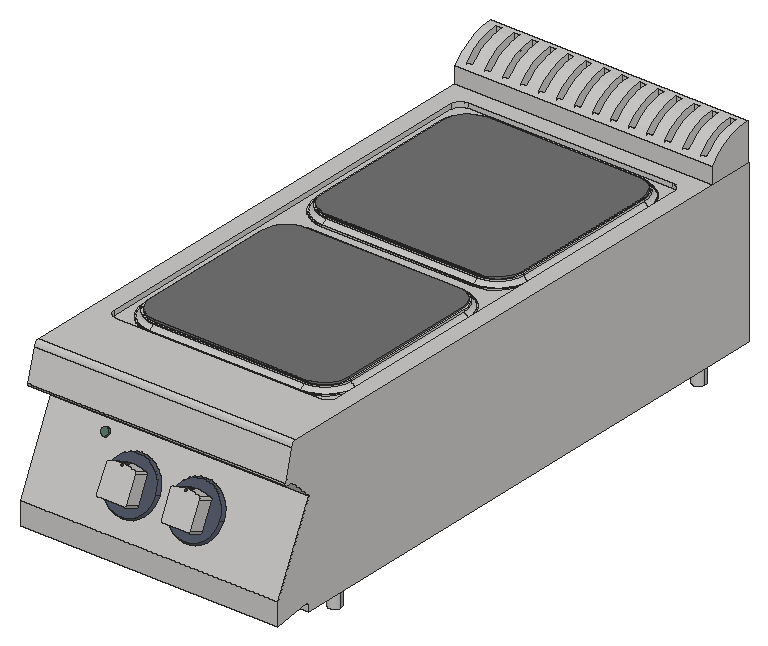
Revit family "QF_ZANUSSI_392039_Z9ECED2Q00", category Specialty Equipment, Revit 2018
Family settings
  Round Connector Dimension = Use Diameter
  Part Type = Normal
  Work Plane-Based = No
  Always vertical = Yes
  Cut with Voids When Loaded = No
  Shared = No
  Room Calculation Point = No
Parameters
  Width = 400 mm  # constant formula
  Weight in Pounds = 35  # constant formula
  Weight = 0.00 kg
  Watts = 8000 W  # constant formula
  Volts = 400 V  # constant formula
  URL Manufacturer = "http://www.zanussiprofessional.com"
  URL Cutsheet = "www.electrolux.com/foodservice"
  URL = "http://www.zanussiprofessional.com"
  Type Mark [instance] = ""
  Steam Supply Size = 0"
  Steam Supply Minimum Pressure = 0.00 psi
  Steam Supply Maximum Pressure = 0.00 psi
  Steam Pounds per Hour = 0
  Status [instance] = ""
  Specification by User [instance] = ""
  Specification by Manufacturer = ""
  Show Logo [instance] = yes
  Show Clearance [instance] = yes
  Serial Number = ""
  Seismic Rating = ""
  SMACNA No = ""
  Revision Code [instance] = ""
  Refrigeration Suction Line Size = 0"
  Refrigeration Liquid Line Size = 0"
  Refrigerant Compressor Remote = yes
  Phase = 3  # constant formula
  Omniclass Number and Title = ""
  Number of Poles [instance] = 1
  NAFEM Spec ID Number = ""
  Model = "Z9ECED2Q00"
  Min Ckt Ampacity = 0 A
  Max Overcurrent Protection = 0 A
  Masterspec = ""
  Manufacturer = "Zanussi"
  Length Actual = 400 mm  # constant formula
  Item Number [instance] = "392039"
  Installed By [instance] = ""
  Identify Quantity as Lot [instance] = yes
  Hot Water Size = 0"
  Height Actual = 250 mm  # constant formula
  Height = 332 mm  # constant formula
  HP = "10.7 HP"
  Gas Size = 0"
  Gas KW = 0
  Gas Input = 0.0 Btu/h
  Furnished By [instance] = ""
  Foodservice Equipment Identifier [instance] = yes
  FL Amps = if(Phase = 3, Watts / (Volts * 1.73), Watts / Volts)  # 11.5607 A
  Electrical Remarks [instance] = "400 V/3N ph/50/60 Hz"  # constant formula
  Electric Connection Type [instance] = ""
  Elec Conn RI Height [instance] = 0 mm
  Elec Conn Connection Height [instance] = 0 mm
  Direct Waste Size = 0"
  Description = "2-HOT SQUARE PL. ELEC.BOILING TOP 400 MM"
  Depth Actual = 900 mm  # constant formula
  Depth = 915 mm  # constant formula
  Cycle = if([60 Hertz Option], 60 Hz, 50 Hz)  # 60 Hz
  Conn Plug = ""
  Conn Conduit = yes
  Condensate Return Size = 0"
  Compressed Air Volume = 0 GPM
  Compressed Air Size = 0"
  Compressed Air Pressure = 0.00 psi
  Cold Water Size = 0"
  CSI MasterFormat = ""
  CSI Master Format = ""
  Base Height [instance] = 24 mm  # constant formula
  Apparent Power = if(Phase = 3, Volts * FL Amps * 1.73, Volts * FL Amps)  # 8000 VA
  Accessory = yes
  60 Hertz Option = not([50 Hertz Option])  # yes
  50 Hertz Option = no
Reference planes
  plane 1 "BACK": y = 0
  plane 2: z = 0
  plane 3 "LEFT": x = 0
  plane 4 "RIGHT": x = 400
  plane 5 "FRONT": y = -915
  plane 6 "TOP": z = 332
  plane 7 "Center Y": x = 200
  plane 8 "Center X": y = -457.5
  plane 9 "BASE": z = 24
  plane 10 "TOP A": z = 274
  plane 11: y = -790
  plane 12: y = -915
  plane 13: y = -82
  plane 14: y = -609
  plane 15: y = -583
  plane 16: y = -900
Forms (mm)
  Extrusion 1, solid, material "QF_Finishes_Stainless Steel"
    sketch origin (0, 0, 0) x (0, 1, 0) y (0, 0, 1)
      loop
        line (0, 24) -> (0, 274) -> (-879.358, 274)
        arc (-879.358, 274) -> (-884.643, 271.811) -> (-886.833, 266.526) r 7.474
        line (-886.833, 266.526) -> (-899.884, 221.011)
        arc (-899.884, 221.011) -> (-899.396, 218.379) -> (-897, 217.184) r 3
        line (-897, 217.184) -> (-886.802, 217.184) -> (-854.982, 185.364) -> (-915, 64.508) -> (-915, 29.508) -> (-858.645, 37.428)
        arc (-858.645, 37.428) -> (-856.101, 36.674) -> (-855, 34.259) r 3.2
        line (-855, 34.259) -> (-855, 24) -> (0, 24)
    from 0 to 400
  Extrusion 2, void
    sketch origin (0, -198.623, 273.238) x (-1, 0, 0) y (0, -1, 0)
      loop
        arc (-42.5, -101.089) -> (-31.893, -96.696) -> (-27.5, -86.089) r 15
        line (-27.5, -86.089) -> (-27.5, 568.262)
        arc (-27.5, 568.262) -> (-31.893, 578.868) -> (-42.5, 583.262) r 15
        line (-42.5, 583.262) -> (-359.751, 583.262)
        arc (-359.751, 583.262) -> (-370.358, 578.868) -> (-374.751, 568.262) r 15
        line (-374.751, 568.262) -> (-374.751, -86.089)
        arc (-374.751, -86.089) -> (-370.358, -96.696) -> (-359.751, -101.089) r 15
        line (-359.751, -101.089) -> (-42.5, -101.089)
    from 1.763 to -6.35
  Extrusion 3, solid, material "QF_Finishes_Stainless Steel"
    sketch origin (0, -198.623, 0) x (1, 0, 0) y (0, 1, 0)
      loop
        circle (11.112, 116.623) r 9.525
      loop
        circle (388.887, 116.623) r 9.525
      loop
        circle (11.112, -591.377) r 9.525
      loop
        circle (388.888, -591.377) r 9.525
    from 0 to 24
  Extrusion 4, solid, material "QF_Clearances", visible <- "Show Clearance", detail levels coarse
    sketch origin (0, -198.623, 0) x (1, 0, 0) y (0, 1, 0)
      loop
        line (0, -716.377) -> (0, 198.623) -> (400, 198.623) -> (400, -716.377) -> (500.019, -716.377) -> (500.019, 298.642) -> (-100.019, 298.642) -> (-100.019, -716.377) -> (0, -716.377)
    from 0 to 332
  Extrusion 5, solid, material "QF_Finishes_Stainless Steel"
    sketch origin (0, 0, 0) x (0, 1, 0) y (0, 0, 1)
      loop
        line (0, 274) -> (0, 331.929)
        arc (0, 331.929) -> (-38.885, 323.539) -> (-69.85, 298.567) r 86.116
        line (-69.85, 298.567) -> (-69.85, 274) -> (0, 274)
    from 0 to 400
  Extrusion 6, void
    sketch origin (0, 0, 273.237) x (-1, 0, 0) y (0, -1, 0)
      loop
        line (-13.453, 6.761) -> (-13.453, 63.911) -> (-22.749, 63.911) -> (-22.749, 6.761) -> (-13.453, 6.761)
    from 25.4 to 63.5
  Extrusion 7, void
    sketch origin (400.05, 0, 273.237) x (1, 0, 0) y (0, 1, 0)
      loop
        line (-13.503, -6.761) -> (-22.799, -6.761) -> (-22.799, -63.911) -> (-13.503, -63.911) -> (-13.503, -6.761)
    from 25.4 to 63.5
  Extrusion 8, void
    sketch origin (27.988, 0, 273.237) x (-1, 0, 0) y (0, -1, 0)
      loop
        line (-13.453, 6.761) -> (-13.453, 63.911) -> (-22.749, 63.911) -> (-22.749, 6.761) -> (-13.453, 6.761)
    from 25.4 to 63.5
  Extrusion 9, void
    sketch origin (55.977, 0, 273.237) x (-1, 0, 0) y (0, -1, 0)
      loop
        line (-13.453, 6.761) -> (-13.453, 63.911) -> (-22.749, 63.911) -> (-22.749, 6.761) -> (-13.453, 6.761)
    from 25.4 to 63.5
  Extrusion 10, void
    sketch origin (83.965, 0, 273.237) x (-1, 0, 0) y (0, -1, 0)
      loop
        line (-13.428, 6.761) -> (-13.428, 63.911) -> (-22.724, 63.911) -> (-22.724, 6.761) -> (-13.428, 6.761)
    from 25.4 to 63.5
  Extrusion 11, void
    sketch origin (111.953, 0, 273.237) x (-1, 0, 0) y (0, -1, 0)
      loop
        line (-13.428, 6.761) -> (-13.428, 63.911) -> (-22.724, 63.911) -> (-22.724, 6.761) -> (-13.428, 6.761)
    from 25.4 to 63.5
  Extrusion 12, void
    sketch origin (139.942, 0, 273.237) x (-1, 0, 0) y (0, -1, 0)
      loop
        line (-13.428, 6.761) -> (-13.428, 63.911) -> (-22.724, 63.911) -> (-22.724, 6.761) -> (-13.428, 6.761)
    from 25.4 to 67.644
  Extrusion 13, void
    sketch origin (167.93, 0, 273.237) x (-1, 0, 0) y (0, -1, 0)
      loop
        line (-13.428, 6.761) -> (-13.428, 63.911) -> (-22.724, 63.911) -> (-22.724, 6.761) -> (-13.428, 6.761)
    from 25.4 to 63.5
  Extrusion 14, void
    sketch origin (195.918, 0, 273.237) x (-1, 0, 0) y (0, -1, 0)
      loop
        line (-13.428, 6.761) -> (-13.428, 63.911) -> (-22.724, 63.911) -> (-22.724, 6.761) -> (-13.428, 6.761)
    from 25.4 to 63.5
  Extrusion 15, void
    sketch origin (223.907, 0, 273.237) x (-1, 0, 0) y (0, -1, 0)
      loop
        line (-13.428, 6.761) -> (-13.428, 63.911) -> (-22.724, 63.911) -> (-22.724, 6.761) -> (-13.428, 6.761)
    from 25.4 to 63.5
  Extrusion 16, void
    sketch origin (251.895, 0, 273.237) x (-1, 0, 0) y (0, -1, 0)
      loop
        line (-13.428, 6.761) -> (-13.428, 63.911) -> (-22.724, 63.911) -> (-22.724, 6.761) -> (-13.428, 6.761)
    from 25.4 to 63.5
  Extrusion 17, void
    sketch origin (279.884, 0, 273.237) x (-1, 0, 0) y (0, -1, 0)
      loop
        line (-13.403, 6.761) -> (-13.403, 63.911) -> (-22.699, 63.911) -> (-22.699, 6.761) -> (-13.403, 6.761)
    from 25.4 to 63.5
  Extrusion 18, void
    sketch origin (307.872, 0, 273.237) x (-1, 0, 0) y (0, -1, 0)
      loop
        line (-13.403, 6.761) -> (-13.403, 63.911) -> (-22.699, 63.911) -> (-22.699, 6.761) -> (-13.403, 6.761)
    from 25.4 to 63.5
  Extrusion 19, void
    sketch origin (335.86, 0, 273.237) x (-1, 0, 0) y (0, -1, 0)
      loop
        line (-13.403, 6.761) -> (-13.403, 63.911) -> (-22.699, 63.911) -> (-22.699, 6.761) -> (-13.403, 6.761)
    from 25.4 to 63.5
  Extrusion 20, solid, material "QF_Finishes_Stainless Steel"
    sketch origin (0, -198.623, 266.888) x (-1, 0, 0) y (0, -1, 0)
      loop
        arc (-86.725, 266.377) -> (-58.441, 278.092) -> (-46.725, 306.377) r 40
        line (-46.725, 306.377) -> (-46.725, 526.377)
        arc (-46.725, 526.377) -> (-58.441, 554.661) -> (-86.725, 566.377) r 40
        line (-86.725, 566.377) -> (-321.725, 566.377)
        arc (-321.725, 566.377) -> (-350.009, 554.661) -> (-361.725, 526.377) r 40
        line (-361.725, 526.377) -> (-361.725, 306.377)
        arc (-361.725, 306.377) -> (-350.009, 278.092) -> (-321.725, 266.377) r 40
        line (-321.725, 266.377) -> (-86.725, 266.377)
      loop
        line (-86.725, 230.796) -> (-321.725, 230.796)
        arc (-321.725, 230.796) -> (-350.009, 219.08) -> (-361.725, 190.796) r 40
        line (-361.725, 190.796) -> (-361.725, -44.204)
        arc (-361.725, -44.204) -> (-350.009, -72.488) -> (-321.725, -84.204) r 40
        line (-321.725, -84.204) -> (-86.725, -84.204)
        arc (-86.725, -84.204) -> (-58.441, -72.488) -> (-46.725, -44.204) r 40
        line (-46.725, -44.204) -> (-46.725, 190.796)
        arc (-46.725, 190.796) -> (-58.441, 219.08) -> (-86.725, 230.796) r 40
    from 0 to 10
  Sweep 21, solid, material "QF_Finishes_Stainless Steel"
    path origin (0, -198.623, 276.888) x (-1, 0, 0) y (0, -1, 0)
      loop
        line (-46.725, 306.377) -> (-46.725, 526.377)
        arc (-46.725, 526.377) -> (-58.441, 554.661) -> (-86.725, 566.377) r 40
        line (-86.725, 566.377) -> (-321.725, 566.377)
        arc (-321.725, 566.377) -> (-350.009, 554.661) -> (-361.725, 526.377) r 40
        line (-361.725, 526.377) -> (-361.725, 306.377)
        arc (-361.725, 306.377) -> (-350.009, 278.092) -> (-321.725, 266.377) r 40
        line (-321.725, 266.377) -> (-86.725, 266.377)
        arc (-86.725, 266.377) -> (-58.441, 278.092) -> (-46.725, 306.377) r 40
    profile origin (46.725, -615, 276.888) x (1, 0, 0) y (0, 0, 1)
      loop
        arc (0, -1.759) -> (-2.638, -5.472) -> (-6.35, -8.109) r 13.651
        line (-6.35, -8.109) -> (-8.064, -8.109) -> (-8.064, -10) -> (0, -10) -> (0, -1.759)
  Sweep 22, solid, material "QF_Finishes_Stainless Steel"
    path origin (0, 151.957, 276.888) x (-1, 0, 0) y (0, -1, 0)
      loop
        line (-46.725, 306.377) -> (-46.725, 541.377)
        arc (-46.725, 541.377) -> (-58.441, 569.661) -> (-86.725, 581.377) r 40
        line (-86.725, 581.377) -> (-321.725, 581.377)
        arc (-321.725, 581.377) -> (-350.009, 569.661) -> (-361.725, 541.377) r 40
        line (-361.725, 541.377) -> (-361.725, 306.377)
        arc (-361.725, 306.377) -> (-350.009, 278.092) -> (-321.725, 266.377) r 40
        line (-321.725, 266.377) -> (-86.725, 266.377)
        arc (-86.725, 266.377) -> (-58.441, 278.092) -> (-46.725, 306.377) r 40
    profile origin (46.725, -271.919, 276.888) x (1, 0, 0) y (0, 0, 1)
      loop
        arc (0, -1.759) -> (-2.638, -5.472) -> (-6.35, -8.109) r 13.651
        line (-6.35, -8.109) -> (-8.064, -8.109) -> (-8.064, -10) -> (0, -10) -> (0, -1.759)
  Extrusion 23, solid, material "QF_Finishes_Rubber Black"
    sketch origin (0, -198.623, 276.888) x (-1, 0, 0) y (0, -1, 0)
      loop
        arc (-49.725, 190.796) -> (-60.562, 216.959) -> (-86.725, 227.796) r 37
        line (-86.725, 227.796) -> (-321.725, 227.796)
        arc (-321.725, 227.796) -> (-347.888, 216.959) -> (-358.725, 190.796) r 37
        line (-358.725, 190.796) -> (-358.725, -44.204)
        arc (-358.725, -44.204) -> (-347.888, -70.367) -> (-321.725, -81.204) r 37
        line (-321.725, -81.204) -> (-86.725, -81.204)
        arc (-86.725, -81.204) -> (-60.562, -70.367) -> (-49.725, -44.204) r 37
        line (-49.725, -44.204) -> (-49.725, 190.796)
      loop
        arc (-86.725, 269.377) -> (-60.562, 280.214) -> (-49.725, 306.377) r 37
        line (-49.725, 306.377) -> (-49.725, 526.377)
        arc (-49.725, 526.377) -> (-60.562, 552.54) -> (-86.725, 563.377) r 37
        line (-86.725, 563.377) -> (-321.725, 563.377)
        arc (-321.725, 563.377) -> (-347.888, 552.54) -> (-358.725, 526.377) r 37
        line (-358.725, 526.377) -> (-358.725, 306.377)
        arc (-358.725, 306.377) -> (-347.888, 280.214) -> (-321.725, 269.377) r 37
        line (-321.725, 269.377) -> (-86.725, 269.377)
    from 0 to 2
  Extrusion 24, solid, material "QF_Finishes_Stainless Steel"
    sketch origin (0, -300.223, 24) x (-1, 0, 0) y (0, 1, 0)
      loop
        circle (-249, -308.777) r 12.7
    from 0 to 12.7
  Extrusion 25, solid, material "QF_Finishes_Stainless Steel"
    sketch origin (0, -300.223, 24) x (-1, 0, 0) y (0, 1, 0)
      loop
        circle (-339, -282.777) r 12.7
    from 0 to 12.7
  Extrusion 26, solid, material "QF_Finishes_Stainless Steel"
    sketch origin (250, -884.991, 124.936) x (1, 0, 0) y (0, 0.444781, 0.895639)
      loop
        arc (-21.147, 22.789) -> (-22.494, 21.685) -> (-23, 20.019) r 2.997
        line (-23, 20.019) -> (-23, -20.019)
        arc (-23, -20.019) -> (-22.122, -22.138) -> (-20.003, -23.016) r 2.997
        line (-20.003, -23.016) -> (20.003, -23.016)
        arc (20.003, -23.016) -> (22.122, -22.138) -> (23, -20.019) r 2.997
        line (23, -20.019) -> (23, 20.019)
        arc (23, 20.019) -> (22.494, 21.685) -> (21.147, 22.789) r 2.997
        arc (21.147, 22.789) -> (0, 26.984) -> (-21.147, 22.789) r 55.4
    from 10 to 34
  Extrusion 27, solid, material "QF_Plastic-Black-Matte"
    sketch origin (330, -884.991, 124.936) x (0, 0.444781, 0.895639) y (0, -0.895639, 0.444781)
      loop
        line (26.984, 34) -> (26.984, 19) -> (27.984, 19) -> (27.984, 34)
        arc (27.984, 34) -> (27.691, 34.707) -> (26.984, 35) r 1
        line (26.984, 35) -> (23.984, 35) -> (23.984, 34) -> (26.984, 34)
    from -81 to -79
  Extrusion 28, solid, material "QF_Finishes_DarkGreen"
    sketch origin (146.18, -862.752, 169.718) x (1, 0, 0) y (0, 0.444781, 0.895639)
      loop
        circle (-55.001, 0) r 6
    from 0 to 1.6
  Extrusion 29, solid, material "QF_Finishes_Stainless Steel"
    sketch origin (250, -884.991, 124.936) x (1, 0, 0) y (0, 0.444781, 0.895639)
      loop
        line (17.5, 17.5) -> (-17.5, 17.5) -> (-17.5, -17.5) -> (17.5, -17.5) -> (17.5, 17.5)
    from 5 to 10
  Extrusion 30, solid, material "QF_Finishes_Stainless Steel"
    sketch origin (150, -884.991, 124.936) x (1, 0, 0) y (0, 0.444781, 0.895639)
      loop
        arc (-21.147, 22.789) -> (-22.494, 21.685) -> (-23, 20.019) r 2.997
        line (-23, 20.019) -> (-23, -20.019)
        arc (-23, -20.019) -> (-22.122, -22.138) -> (-20.003, -23.016) r 2.997
        line (-20.003, -23.016) -> (20.003, -23.016)
        arc (20.003, -23.016) -> (22.122, -22.138) -> (23, -20.019) r 2.997
        line (23, -20.019) -> (23, 20.019)
        arc (23, 20.019) -> (22.494, 21.685) -> (21.147, 22.789) r 2.997
        arc (21.147, 22.789) -> (0, 26.984) -> (-21.147, 22.789) r 55.4
    from 10 to 34
  Extrusion 31, solid, material "QF_Finishes_Stainless Steel"
    sketch origin (150, -884.991, 124.936) x (1, 0, 0) y (0, 0.444781, 0.895639)
      loop
        line (17.5, 17.5) -> (-17.5, 17.5) -> (-17.5, -17.5) -> (17.5, -17.5) -> (17.5, 17.5)
    from 5 to 10
  Extrusion 32, solid, material "QF_Plastic-Black-Matte"
    sketch origin (115, -884.991, 124.936) x (0, 0.444781, 0.895639) y (0, 0.895639, -0.444781)
      loop
        line (26.984, -34) -> (23.984, -34) -> (23.984, -35) -> (26.984, -35)
        arc (26.984, -35) -> (27.691, -34.707) -> (27.984, -34) r 1
        line (27.984, -34) -> (27.984, -19) -> (26.984, -19) -> (26.984, -34)
    from -36 to -34
  Blend 33, solid, material "QF_Finishes_Navy Blue"
    base sketch origin (250, -884.991, 124.936) x (1, 0, 0) y (0, 0.444781, 0.895639)
      loop
        circle (0, 0) r 42.5
    top sketch origin (250, -884.991, 124.936) x (1, 0, 0) y (0, 0.444781, 0.895639)
      loop
        circle (0, 0) r 40.5
    from 0 to 5
  Blend 34, solid, material "QF_Finishes_Navy Blue"
    base sketch origin (150, -884.991, 124.936) x (1, 0, 0) y (0, 0.444781, 0.895639)
      loop
        circle (0, 0) r 42.5
    top sketch origin (150, -884.991, 124.936) x (1, 0, 0) y (0, 0.444781, 0.895639)
      loop
        circle (0, 0) r 40.5
    from 0 to 5
Cuts and joins
  Extrusion 2 cuts Extrusion 1
  Extrusion 6, Extrusion 7, Extrusion 8, Extrusion 9, Extrusion 10, Extrusion 11, Extrusion 12, Extrusion 13, Extrusion 14, Extrusion 15, Extrusion 16, Extrusion 17, Extrusion 18, Extrusion 19 cuts Extrusion 5
Lines and regions (mm)
  Split face 1
    outline origin (249.901, -889.469, 127.16) x (1, 0, 0) y (0, 0.444781, 0.895639)
      loop
        line (-8.901, 38.561) -> (-8.901, 28.561) -> (-2.901, 28.561) -> (-2.901, 38.561) -> (-8.901, 38.561)
  Split face 2
    outline origin (249.901, -889.469, 127.16) x (1, 0, 0) y (0, 0.444781, 0.895639)
      loop
        line (-8.401, 38.061) -> (-8.401, 29.061) -> (-3.401, 29.061) -> (-3.401, 38.061) -> (-8.401, 38.061)
  Split face 3
    outline origin (249.901, -889.469, 127.16) x (1, 0, 0) y (0, 0.444781, 0.895639)
      loop
        line (-8.401, 34.061) -> (-3.401, 34.061)
  Split face 4
    outline origin (249.901, -889.469, 127.16) x (1, 0, 0) y (0, 0.444781, 0.895639)
      loop
        line (-8.401, 33.561) -> (-3.401, 33.561)
  Split face 5
    outline origin (249.901, -889.469, 127.16) x (1, 0, 0) y (0, 0.444781, 0.895639)
      loop
        circle (-5.901, 31.311) r 2.029
  Split face 6
    outline origin (250, -889.469, 127.16) x (0, -0.444781, -0.895639) y (1, 0, 0)
      loop
        circle (-34, 0) r 1.5
  Split face 7
    outline origin (150, -889.469, 127.16) x (0, -0.444781, -0.895639) y (1, 0, 0)
      loop
        circle (-34, 0) r 1.5
  Split face 8
    outline origin (144, -889.469, 127.16) x (1, 0, 0) y (0, 0.444781, 0.895639)
      loop
        line (-3, 38.561) -> (-3, 28.561) -> (3, 28.561) -> (3, 38.561) -> (-3, 38.561)
  Split face 9
    outline origin (144, -889.469, 127.16) x (1, 0, 0) y (0, 0.444781, 0.895639)
      loop
        line (-2.5, 38.061) -> (-2.5, 29.061) -> (2.5, 29.061) -> (2.5, 38.061) -> (-2.5, 38.061)
  Split face 10
    outline origin (144, -889.469, 127.16) x (1, 0, 0) y (0, 0.444781, 0.895639)
      loop
        line (-2.5, 33.561) -> (2.5, 33.561)
  Split face 11
    outline origin (144, -889.469, 127.16) x (1, 0, 0) y (0, 0.444781, 0.895639)
      loop
        line (-2.5, 33.061) -> (2.5, 33.061)
  Split face 12
    outline origin (144, -889.469, 127.16) x (1, 0, 0) y (0, 0.444781, 0.895639)
      loop
        circle (0, 35.811) r 2.031
  Split face 13
    outline origin (250, -889.469, 127.16) x (0.5, 0.385192, 0.775646) y (-0.866025, 0.222391, 0.44782)
      loop
        circle (-34, 0) r 1.5
  Split face 14
    outline origin (250, -889.469, 127.16) x (0.766044, -0.2859, -0.575706) y (0.642788, 0.340722, 0.686099)
      loop
        circle (-34, 0) r 1.5
  Split face 15
    outline origin (250, -889.469, 127.16) x (0.984808, 0.077235, 0.155526) y (-0.173648, 0.438024, 0.882032)
      loop
        circle (-34, 0) r 1.5
  Split face 16
    outline origin (250, -889.469, 127.16) x (0.984808, 0.077235, 0.155526) y (0.173648, -0.438024, -0.882032)
      loop
        circle (31.95, 11.629) r 1.5
  Split face 17
    outline origin (250, -889.469, 127.16) x (-0.5, 0.385192, 0.775646) y (0.866025, 0.222391, 0.44782)
      loop
        circle (-34, 0) r 1.5
  Split face 18
    outline origin (250, -889.469, 127.16) x (-0.766044, -0.2859, -0.575706) y (-0.642788, 0.340722, 0.686099)
      loop
        circle (-34, 0) r 1.5
  Split face 19
    outline origin (150, -889.469, 127.16) x (0.5, 0.385192, 0.775646) y (-0.866025, 0.222391, 0.44782)
      loop
        circle (-34, 0) r 1.5
  Split face 20
    outline origin (150, -889.469, 127.16) x (0.766044, -0.2859, -0.575706) y (0.642788, 0.340722, 0.686099)
      loop
        circle (-34, 0) r 1.5
  Split face 21
    outline origin (150, -889.469, 127.16) x (0.984808, 0.077235, 0.155526) y (-0.173648, 0.438024, 0.882032)
      loop
        circle (-34, 0) r 1.5
  Split face 22
    outline origin (150, -889.469, 127.16) x (-0.5, 0.385192, 0.775646) y (0.866025, 0.222391, 0.44782)
      loop
        circle (-34, 0) r 1.5
  Split face 23
    outline origin (150, -889.469, 127.16) x (-0.766044, -0.2859, -0.575706) y (-0.642788, 0.340722, 0.686099)
      loop
        circle (-34, 0) r 1.5
  Split face 24
    outline origin (150, -889.469, 127.16) x (-0.984808, 0.077235, 0.155526) y (0.173648, 0.438024, 0.882032)
      loop
        circle (-34, 0) r 1.5
  symbolic lines, style "QF_Clearances", visible <- "Show Clearance", detail levels coarse
    curve 1: line (-100.019, 100.019, 274) -> (-100.019, -915, 274)
    curve 2: line (500.019, 100.019, 274) -> (-100.019, 100.019, 274)
    curve 3: line (500.019, -915, 274) -> (500.019, 100.019, 274)
  symbolic lines
    curve 4: line (0, -915, 274) -> (0, -198.623, 274)
    curve 5: line (400, -198.623, 274) -> (400, -915, 274)
    curve 6: line (0, -268.473, 274) -> (0, -319.273, 274)
    curve 7: line (27.5, -766.885, 266.888) -> (27.5, -112.534, 266.888)
    curve 8: line (42.5, -97.534, 266.888) -> (359.751, -97.534, 266.887)
    curve 9: line (374.751, -112.534, 266.887) -> (374.751, -766.885, 266.887)
    curve 10: line (359.751, -781.885, 266.887) -> (42.5, -781.885, 266.888)
    curve 11: line (0, 0, 274) -> (400, 0, 274)
    curve 12: line (22.724, -6.761, 274) -> (22.724, -63.911, 274)
    curve 13: line (22.724, -63.911, 274) -> (13.428, -63.911, 274)
    curve 14: line (13.428, -63.911, 274) -> (13.428, -6.761, 274)
    curve 15: line (13.428, -6.761, 274) -> (22.724, -6.761, 274)
    curve 16: line (386.547, -6.761, 274) -> (386.547, -63.911, 274)
    curve 17: line (386.547, -63.911, 274) -> (377.251, -63.911, 274)
    curve 18: line (377.251, -63.911, 274) -> (377.251, -6.761, 274)
    curve 19: line (377.251, -6.761, 274) -> (386.547, -6.761, 274)
    curve 20: line (50.712, -6.761, 274) -> (50.712, -63.911, 274)
    curve 21: line (50.712, -63.911, 274) -> (41.416, -63.911, 274)
    curve 22: line (41.416, -63.911, 274) -> (41.416, -6.761, 274)
    curve 23: line (41.416, -6.761, 274) -> (50.712, -6.761, 274)
    curve 24: line (78.7, -6.761, 274) -> (78.7, -63.911, 274)
    curve 25: line (78.7, -63.911, 274) -> (69.405, -63.911, 274)
    curve 26: line (69.405, -63.911, 274) -> (69.405, -6.761, 274)
    curve 27: line (69.405, -6.761, 274) -> (78.7, -6.761, 274)
    curve 28: line (106.689, -6.761, 274) -> (106.689, -63.911, 274)
    curve 29: line (106.689, -63.911, 274) -> (97.393, -63.911, 274)
    curve 30: line (97.393, -63.911, 274) -> (97.393, -6.761, 274)
    curve 31: line (97.393, -6.761, 274) -> (106.689, -6.761, 274)
    curve 32: line (134.677, -6.761, 274) -> (134.677, -63.911, 274)
    curve 33: line (134.677, -63.911, 274) -> (125.381, -63.911, 274)
    curve 34: line (125.381, -63.911, 274) -> (125.381, -6.761, 274)
    curve 35: line (125.381, -6.761, 274) -> (134.677, -6.761, 274)
    curve 36: line (162.665, -6.761, 274) -> (162.665, -63.911, 274)
    curve 37: line (162.665, -63.911, 274) -> (153.37, -63.911, 274)
    curve 38: line (153.37, -63.911, 274) -> (153.37, -6.761, 274)
    curve 39: line (153.37, -6.761, 274) -> (162.665, -6.761, 274)
    curve 40: line (190.654, -6.761, 274) -> (190.654, -63.911, 274)
    curve 41: line (190.654, -63.911, 274) -> (181.358, -63.911, 274)
    curve 42: line (181.358, -63.911, 274) -> (181.358, -6.761, 274)
    curve 43: line (181.358, -6.761, 274) -> (190.654, -6.761, 274)
    curve 44: line (218.642, -6.761, 274) -> (218.642, -63.911, 274)
    curve 45: line (218.642, -63.911, 274) -> (209.346, -63.911, 274)
    curve 46: line (209.346, -63.911, 274) -> (209.346, -6.761, 274)
    curve 47: line (209.346, -6.761, 274) -> (218.642, -6.761, 274)
    curve 48: line (246.605, -6.761, 274) -> (246.605, -63.911, 274)
    curve 49: line (246.605, -63.911, 274) -> (237.31, -63.911, 274)
    curve 50: line (237.31, -63.911, 274) -> (237.31, -6.761, 274)
    curve 51: line (237.31, -6.761, 274) -> (246.605, -6.761, 274)
    curve 52: line (274.594, -6.761, 274) -> (274.594, -63.911, 274)
    curve 53: line (274.594, -63.911, 274) -> (265.298, -63.911, 274)
    curve 54: line (265.298, -63.911, 274) -> (265.298, -6.761, 274)
    curve 55: line (265.298, -6.761, 274) -> (274.594, -6.761, 274)
    curve 56: line (302.582, -6.761, 274) -> (302.582, -63.911, 274)
    curve 57: line (302.582, -63.911, 274) -> (293.286, -63.911, 274)
    curve 58: line (293.286, -63.911, 274) -> (293.286, -6.761, 274)
    curve 59: line (293.286, -6.761, 274) -> (302.582, -6.761, 274)
    curve 60: line (330.57, -6.761, 274) -> (330.57, -63.911, 274)
    curve 61: line (330.57, -63.911, 274) -> (321.275, -63.911, 274)
    curve 62: line (321.275, -63.911, 274) -> (321.275, -6.761, 274)
    curve 63: line (321.275, -6.761, 274) -> (330.57, -6.761, 274)
    curve 64: line (358.559, -6.761, 274) -> (358.559, -63.911, 274)
    curve 65: line (358.559, -63.911, 274) -> (349.263, -63.911, 274)
    curve 66: line (349.263, -63.911, 274) -> (349.263, -6.761, 274)
    curve 67: line (349.263, -6.761, 274) -> (358.559, -6.761, 274)
    curve 68: line (400, -69.85, 274) -> (0, -69.85, 274)
    curve 69: arc (42.5, -97.534, 266.888) -> (31.893, -101.928, 266.888) -> (27.5, -112.534, 266.888) r 15
    curve 70: arc (374.751, -112.534, 266.887) -> (370.358, -101.928, 266.887) -> (359.751, -97.534, 266.887) r 15
    curve 71: arc (359.751, -781.885, 266.887) -> (370.358, -777.492, 266.887) -> (374.751, -766.885, 266.887) r 15
    curve 72: arc (27.5, -766.885, 266.888) -> (31.893, -777.492, 266.888) -> (42.5, -781.885, 266.888) r 15
    curve 73: arc (86.725, -117.419, 266.888) -> (60.562, -128.256, 266.888) -> (49.725, -154.419, 266.888) r 37
    curve 74: line (49.725, -154.419, 266.888) -> (49.725, -389.419, 266.888)
    curve 75: arc (49.725, -389.419, 266.888) -> (60.562, -415.582, 266.888) -> (86.725, -426.419, 266.888) r 37
    curve 76: line (86.725, -426.419, 266.888) -> (321.725, -426.419, 266.887)
    curve 77: arc (321.725, -426.419, 266.887) -> (347.888, -415.582, 266.887) -> (358.725, -389.419, 266.887) r 37
    curve 78: line (358.725, -389.419, 266.887) -> (358.725, -154.419, 266.887)
    curve 79: arc (358.725, -154.419, 266.887) -> (347.888, -128.256, 266.887) -> (321.725, -117.419, 266.887) r 37
    curve 80: line (321.725, -117.419, 266.887) -> (86.725, -117.419, 266.888)
    curve 81: arc (86.725, -114.419, 266.888) -> (58.441, -126.135, 266.888) -> (46.725, -154.419, 266.888) r 40
    curve 82: line (46.725, -154.419, 266.888) -> (46.725, -389.419, 266.888)
    curve 83: arc (46.725, -389.419, 266.888) -> (58.441, -417.704, 266.888) -> (86.725, -429.419, 266.888) r 40
    curve 84: line (86.725, -429.419, 266.888) -> (321.725, -429.419, 266.887)
    curve 85: arc (321.725, -429.419, 266.887) -> (350.009, -417.704, 266.887) -> (361.725, -389.419, 266.887) r 40
    curve 86: line (361.725, -389.419, 266.887) -> (361.725, -154.419, 266.887)
    curve 87: arc (361.725, -154.419, 266.887) -> (350.009, -126.135, 266.887) -> (321.725, -114.419, 266.887) r 40
    curve 88: line (321.725, -114.419, 266.887) -> (86.725, -114.419, 266.888)
    curve 89: arc (40.375, -154.419, 266.888) -> (53.951, -121.645, 266.888) -> (86.725, -108.069, 266.888) r 46.35
    curve 90: line (86.725, -108.069, 266.888) -> (321.725, -108.069, 266.887)
    curve 91: arc (321.725, -108.069, 266.887) -> (354.499, -121.645, 266.887) -> (368.075, -154.419, 266.887) r 46.35
    curve 92: line (368.075, -154.419, 266.887) -> (368.075, -389.419, 266.887)
    curve 93: arc (368.075, -389.419, 266.887) -> (354.499, -422.194, 266.887) -> (321.725, -435.769, 266.887) r 46.35
    curve 94: line (321.725, -435.769, 266.887) -> (86.725, -435.769, 266.888)
    curve 95: arc (86.725, -435.769, 266.888) -> (53.951, -422.194, 266.888) -> (40.375, -389.419, 266.888) r 46.35
    curve 96: line (40.375, -389.419, 266.888) -> (40.375, -154.419, 266.888)
    curve 97: arc (86.725, -106.355, 266.888) -> (52.738, -120.433, 266.888) -> (38.661, -154.419, 266.888) r 48.064
    curve 98: line (38.661, -154.419, 266.888) -> (38.661, -389.419, 266.888)
    curve 99: arc (38.661, -389.419, 266.888) -> (52.738, -423.406, 266.888) -> (86.725, -437.484, 266.888) r 48.064
    curve 100: line (86.725, -437.484, 266.888) -> (321.725, -437.484, 266.887)
    curve 101: arc (321.725, -437.484, 266.887) -> (355.712, -423.406, 266.887) -> (369.789, -389.419, 266.887) r 48.064
    curve 102: line (369.789, -389.419, 266.887) -> (369.789, -154.419, 266.887)
    curve 103: arc (369.789, -154.419, 266.887) -> (355.712, -120.433, 266.887) -> (321.725, -106.355, 266.887) r 48.064
    curve 104: line (321.725, -106.355, 266.887) -> (86.725, -106.355, 266.888)
    curve 105: arc (86.725, -456.936, 266.888) -> (52.738, -471.013, 266.888) -> (38.661, -505, 266.888) r 48.064
    curve 106: line (38.661, -505, 266.888) -> (38.661, -725, 266.888)
    curve 107: arc (38.661, -725, 266.888) -> (52.738, -758.987, 266.888) -> (86.725, -773.064, 266.888) r 48.064
    curve 108: line (86.725, -773.064, 266.888) -> (321.725, -773.064, 266.887)
    curve 109: arc (321.725, -773.064, 266.887) -> (355.712, -758.987, 266.887) -> (369.789, -725, 266.887) r 48.064
    curve 110: line (369.789, -725, 266.887) -> (369.789, -505, 266.887)
    curve 111: arc (369.789, -505, 266.887) -> (355.712, -471.013, 266.887) -> (321.725, -456.936, 266.887) r 48.064
    curve 112: line (321.725, -456.936, 266.887) -> (86.725, -456.936, 266.888)
    curve 113: arc (40.375, -505, 266.888) -> (53.951, -472.226, 266.888) -> (86.725, -458.65, 266.888) r 46.35
    curve 114: line (86.725, -458.65, 266.888) -> (321.725, -458.65, 266.887)
    curve 115: arc (321.725, -458.65, 266.887) -> (354.499, -472.226, 266.887) -> (368.075, -505, 266.887) r 46.35
    curve 116: line (368.075, -505, 266.887) -> (368.075, -725, 266.887)
    curve 117: arc (368.075, -725, 266.887) -> (354.499, -757.774, 266.887) -> (321.725, -771.35, 266.887) r 46.35
    curve 118: line (321.725, -771.35, 266.887) -> (86.725, -771.35, 266.888)
    curve 119: arc (86.725, -771.35, 266.888) -> (53.951, -757.774, 266.888) -> (40.375, -725, 266.888) r 46.35
    curve 120: line (40.375, -725, 266.888) -> (40.375, -505, 266.888)
    curve 121: arc (86.725, -465, 266.888) -> (58.441, -476.716, 266.888) -> (46.725, -505, 266.888) r 40
    curve 122: line (46.725, -505, 266.888) -> (46.725, -725, 266.888)
    curve 123: arc (46.725, -725, 266.888) -> (58.441, -753.284, 266.888) -> (86.725, -765, 266.888) r 40
    curve 124: line (86.725, -765, 266.888) -> (321.725, -765, 266.887)
    curve 125: arc (321.725, -765, 266.887) -> (350.009, -753.284, 266.887) -> (361.725, -725, 266.887) r 40
    curve 126: line (361.725, -725, 266.887) -> (361.725, -505, 266.887)
    curve 127: arc (361.725, -505, 266.887) -> (350.009, -476.716, 266.887) -> (321.725, -465, 266.887) r 40
    curve 128: line (321.725, -465, 266.887) -> (86.725, -465, 266.888)
    curve 129: arc (86.725, -468, 266.888) -> (60.562, -478.837, 266.888) -> (49.725, -505, 266.888) r 37
    curve 130: line (49.725, -505, 266.888) -> (49.725, -725, 266.888)
    curve 131: arc (49.725, -725, 266.888) -> (60.562, -751.163, 266.888) -> (86.725, -762, 266.888) r 37
    curve 132: line (86.725, -762, 266.888) -> (321.725, -762, 266.887)
    curve 133: arc (321.725, -762, 266.887) -> (347.888, -751.163, 266.887) -> (358.725, -725, 266.887) r 37
    curve 134: line (358.725, -725, 266.887) -> (358.725, -505, 266.887)
    curve 135: arc (358.725, -505, 266.887) -> (347.888, -478.837, 266.887) -> (321.725, -468, 266.887) r 37
    curve 136: line (321.725, -468, 266.887) -> (86.725, -468, 266.888)
    curve 137: line (0, -915, 266.888) -> (0, 0, 266.888)
    curve 138: line (400, 0, 266.887) -> (400, -915, 266.887)
    curve 139: line (0, -900, 0) -> (400.05, -900, 0)
    curve 140: line (127, -900, 0) -> (127, -924.347, 0)
    curve 141: arc (127, -924.347, 0) -> (127.146, -924.811, 0) -> (127.532, -925.107, 0) r 0.809
    curve 142: arc (127.532, -925.107, 0) -> (128.72, -925.587, 0) -> (129.997, -925.68, 0) r 4.127
    curve 143: arc (127, -904.292, 0) -> (121.959, -902.458, 0) -> (117.191, -900, 0) r 42.24
    curve 144: arc (127, -906.539, 0) -> (127.502, -905.818, 0) -> (128.299, -905.448, 0) r 1.682
    curve 145: arc (128.299, -905.448, 0) -> (138.602, -903.95, 0) -> (149, -903.441, 0) r 109.079
    curve 146: line (149, -900, 0) -> (149, -905.671, 0)
    curve 147: line (149, -905.671, 0) -> (151, -905.671, 0)
    curve 148: line (151, -905.671, 0) -> (151, -900, 0)
    curve 149: line (173, -900, 0) -> (173, -924.347, 0)
    curve 150: arc (173, -924.347, 0) -> (172.854, -924.811, 0) -> (172.468, -925.107, 0) r 0.809
    curve 151: arc (172.468, -925.107, 0) -> (171.28, -925.587, 0) -> (170.003, -925.68, 0) r 4.127
    curve 152: arc (173, -904.292, 0) -> (178.041, -902.458, 0) -> (182.809, -900, 0) r 42.24
    curve 153: arc (173, -906.539, 0) -> (172.498, -905.818, 0) -> (171.701, -905.448, 0) r 1.682
    curve 154: arc (171.701, -905.448, 0) -> (161.398, -903.95, 0) -> (151, -903.441, 0) r 109.079
    curve 155: line (129.997, -925.68, 0) -> (170.003, -925.68, 0)
    curve 156: line (273, -900, 0) -> (273, -924.347, 0)
    curve 157: arc (273, -924.347, 0) -> (272.854, -924.811, 0) -> (272.468, -925.107, 0) r 0.809
    curve 158: arc (272.468, -925.107, 0) -> (271.28, -925.587, 0) -> (270.003, -925.68, 0) r 4.127
    curve 159: arc (273, -904.292, 0) -> (278.041, -902.458, 0) -> (282.809, -900, 0) r 42.24
    curve 160: arc (273, -906.539, 0) -> (272.498, -905.818, 0) -> (271.701, -905.448, 0) r 1.682
    curve 161: arc (271.701, -905.448, 0) -> (261.398, -903.95, 0) -> (251, -903.441, 0) r 109.079
    curve 162: line (251, -900, 0) -> (251, -905.671, 0)
    curve 163: line (251, -905.671, 0) -> (249, -905.671, 0)
    curve 164: line (249, -905.671, 0) -> (249, -900, 0)
    curve 165: line (227, -900, 0) -> (227, -924.347, 0)
    curve 166: arc (227, -924.347, 0) -> (227.146, -924.811, 0) -> (227.532, -925.107, 0) r 0.809
    curve 167: arc (227.532, -925.107, 0) -> (228.72, -925.587, 0) -> (229.997, -925.68, 0) r 4.127
    curve 168: arc (227, -904.292, 0) -> (221.959, -902.458, 0) -> (217.191, -900, 0) r 42.24
    curve 169: arc (227, -906.539, 0) -> (227.502, -905.818, 0) -> (228.299, -905.448, 0) r 1.682
    curve 170: arc (228.299, -905.448, 0) -> (238.602, -903.95, 0) -> (249, -903.441, 0) r 109.079
    curve 171: line (270.003, -925.68, 0) -> (229.997, -925.68, 0)
    curve 172: line (173, -915, 0) -> (227, -915, 0)
    curve 173: line (273, -915, 0) -> (400.05, -915, 0)
    curve 174: line (0, -915, 0) -> (127, -915, 0)
Dimensions and locks
  equal spacing: plane 3 "LEFT", plane 7 "Center Y", plane 4 "RIGHT"
  "Width": plane 3 "LEFT" to plane 4 "RIGHT"
  equal spacing: plane 5 "FRONT", plane 8 "Center X", plane 1 "BACK"
  "Depth": plane 5 "FRONT" to plane 1 "BACK"
  "Height": plane 6 "TOP" to level
  "Base Height": plane 9 "BASE" to level
  plane 1 "BACK" to plane 5 "FRONT" = 915 mm
  plane 10 "TOP A" to plane 9 "BASE" = 250 mm  (x2)
  plane 6 "TOP" to plane 2 = 332 mm
  Extrusion 3 sketch curve to plane 1 "BACK" = 82 mm
  plane 12 to plane 11 to plane 13 to plane 1 "BACK" = 125 mm, 708 mm, 82 mm
  Extrusion 3 sketch curve to plane 1 "BACK" = 790 mm
  plane 5 "FRONT" to plane 1 "BACK" = 915 mm
  plane 9 "BASE" to plane 2 = 24 mm
  plane 15 to plane 1 "BACK" = 583 mm
  plane 14 to plane 1 "BACK" = 609 mm
  plane 6 "TOP" to plane 10 "TOP A" = 58 mm
  plane 16 to plane 12 = 15 mm
  aligned and locked: level to plane 2
Automatic sketch dimensions
  Extrusion 2 sketch curve to plane 4 "RIGHT" = 25.249 mm
  Extrusion 2 sketch curve to Extrusion 2 sketch curve = 15 mm  (x3)
  plane 3 "LEFT" to Extrusion 2 sketch curve = 42.5 mm  (x2)
  Extrusion 2 sketch curve to plane 5 "FRONT" = 148.115 mm
  plane 5 "FRONT" to Extrusion 4 sketch curve = 0 mm  (x2)
  plane 1 "BACK" to Extrusion 4 sketch curve = 0 mm
  Extrusion 4 sketch curve to plane 3 "LEFT" = 0 mm
  Extrusion 4 sketch curve to plane 4 "RIGHT" = 0 mm
  Extrusion 4 sketch curve to plane 3 "LEFT" = 100.019 mm
  plane 4 "RIGHT" to Extrusion 4 sketch curve = 100.019 mm
  Extrusion 4 sketch curve to plane 1 "BACK" = 100.019 mm
  curve 9 to Extrusion 2 = 15 mm  (x2)
  curve 9 to Extrusion 2 = 0 mm
  curve 8 to Extrusion 2 = 0 mm
  curve 8 to Extrusion 2 = 15 mm  (x2)
  Extrusion 5 sketch curve to plane 10 "TOP A" = 0 mm
  Extrusion 5 sketch curve to plane 1 "BACK" = 0 mm
  plane 1 "BACK" to Extrusion 5 sketch curve = 1.769 mm
  plane 10 "TOP A" to Extrusion 5 sketch curve = 24.567 mm
  plane 1 "BACK" to Extrusion 5 sketch curve = 69.85 mm
  Extrusion 5 sketch curve to plane 10 "TOP A" = 28.169 mm
  plane 1 "BACK" to Extrusion 6 sketch curve = 6.761 mm
  plane 3 "LEFT" to Extrusion 6 sketch curve = 22.749 mm
  Extrusion 6 sketch curve to Extrusion 6 sketch curve = 9.296 mm
  Extrusion 6 sketch curve to Extrusion 6 sketch curve = 57.15 mm
  Extrusion 7 sketch curve to plane 1 "BACK" = 6.761 mm
  plane 4 "RIGHT" to Extrusion 7 sketch curve = 22.749 mm
  Extrusion 7 sketch curve to Extrusion 7 sketch curve = 9.296 mm
  Extrusion 7 sketch curve to Extrusion 7 sketch curve = 57.15 mm
  plane 1 "BACK" to Extrusion 8 sketch curve = 6.761 mm
  plane 3 "LEFT" to Extrusion 8 sketch curve = 50.737 mm
  Extrusion 8 sketch curve to Extrusion 8 sketch curve = 9.296 mm
  Extrusion 8 sketch curve to Extrusion 8 sketch curve = 57.15 mm
  plane 1 "BACK" to Extrusion 9 sketch curve = 6.761 mm
  plane 3 "LEFT" to Extrusion 9 sketch curve = 78.725 mm
  Extrusion 9 sketch curve to Extrusion 9 sketch curve = 9.296 mm
  Extrusion 9 sketch curve to Extrusion 9 sketch curve = 57.15 mm
  plane 1 "BACK" to Extrusion 10 sketch curve = 6.761 mm
  Extrusion 10 sketch curve to plane 7 "Center Y" = 93.311 mm
  Extrusion 10 sketch curve to Extrusion 10 sketch curve = 9.296 mm
  Extrusion 10 sketch curve to Extrusion 10 sketch curve = 57.15 mm
  plane 1 "BACK" to Extrusion 11 sketch curve = 6.761 mm
  Extrusion 11 sketch curve to plane 7 "Center Y" = 65.323 mm
  Extrusion 11 sketch curve to Extrusion 11 sketch curve = 9.296 mm
  Extrusion 11 sketch curve to Extrusion 11 sketch curve = 57.15 mm
  plane 1 "BACK" to Extrusion 12 sketch curve = 6.761 mm
  Extrusion 12 sketch curve to plane 7 "Center Y" = 37.335 mm
  Extrusion 12 sketch curve to Extrusion 12 sketch curve = 9.296 mm
  Extrusion 12 sketch curve to Extrusion 12 sketch curve = 57.15 mm
  Extrusion 13 sketch curve to plane 7 "Center Y" = 9.346 mm
  Extrusion 13 sketch curve to Extrusion 13 sketch curve = 9.296 mm
  plane 1 "BACK" to Extrusion 13 sketch curve = 6.761 mm
  Extrusion 13 sketch curve to Extrusion 13 sketch curve = 57.15 mm
  plane 1 "BACK" to Extrusion 14 sketch curve = 6.761 mm
  plane 7 "Center Y" to Extrusion 14 sketch curve = 18.642 mm
  Extrusion 14 sketch curve to Extrusion 14 sketch curve = 9.296 mm
  Extrusion 14 sketch curve to Extrusion 14 sketch curve = 57.15 mm
  plane 1 "BACK" to Extrusion 15 sketch curve = 6.761 mm
  plane 7 "Center Y" to Extrusion 15 sketch curve = 46.63 mm
  Extrusion 15 sketch curve to Extrusion 15 sketch curve = 9.296 mm
  Extrusion 15 sketch curve to Extrusion 15 sketch curve = 57.15 mm
  plane 1 "BACK" to Extrusion 16 sketch curve = 6.761 mm
  plane 7 "Center Y" to Extrusion 16 sketch curve = 74.619 mm
  Extrusion 16 sketch curve to Extrusion 16 sketch curve = 9.296 mm
  Extrusion 16 sketch curve to Extrusion 16 sketch curve = 57.15 mm
  plane 1 "BACK" to Extrusion 17 sketch curve = 6.761 mm
  Extrusion 17 sketch curve to plane 4 "RIGHT" = 97.418 mm
  Extrusion 17 sketch curve to Extrusion 17 sketch curve = 9.296 mm
  Extrusion 17 sketch curve to Extrusion 17 sketch curve = 57.15 mm
  plane 1 "BACK" to Extrusion 18 sketch curve = 6.761 mm
  Extrusion 18 sketch curve to plane 4 "RIGHT" = 69.43 mm
  Extrusion 18 sketch curve to Extrusion 18 sketch curve = 9.296 mm
  Extrusion 18 sketch curve to Extrusion 18 sketch curve = 57.15 mm
  plane 1 "BACK" to Extrusion 19 sketch curve = 6.761 mm
  Extrusion 19 sketch curve to plane 4 "RIGHT" = 41.441 mm
  Extrusion 19 sketch curve to Extrusion 19 sketch curve = 9.296 mm
  Extrusion 19 sketch curve to Extrusion 19 sketch curve = 57.15 mm
  Extrusion 20 sketch curve to Extrusion 2 = 13.026 mm  (x2)
  Extrusion 20 sketch curve to Extrusion 2 = 16.885 mm  (x2)
  Extrusion 20 sketch curve to Extrusion 2 = 53.026 mm  (x2)
  Extrusion 20 sketch curve to Extrusion 20 sketch curve = 40 mm  (x2)
  Extrusion 20 sketch curve to Extrusion 2 = 59.225 mm  (x3)
  Extrusion 20 sketch curve to Extrusion 20 sketch curve = 0 mm
  Extrusion 20 sketch curve to Extrusion 2 = 19.225 mm  (x2)
  Extrusion 20 sketch curve to Extrusion 20 sketch curve = 235 mm
  Extrusion 20 sketch curve to Extrusion 20 sketch curve = 35.581 mm
  Sweep 21 sketch curve to Extrusion 20 = 40 mm  (x2)
  Sweep 22 sketch curve to Extrusion 20 = 40 mm
  Sweep 22 sketch curve to Sweep 22 sketch curve = 40 mm
  profile plane to Sweep 21 sketch curve = 0 mm
  profile plane to Sweep 21 sketch curve = 6.35 mm
  Sweep 21 sketch curve to Sweep 21 sketch curve = 1.714 mm
  profile plane to Sweep 21 sketch curve = 4.181 mm
  profile plane to Sweep 21 sketch curve = 12.291 mm
  Sweep 21 sketch curve to profile plane = 1.759 mm
  Sweep 21 sketch curve to Sweep 21 sketch curve = 1.891 mm
  profile plane to Sweep 22 sketch curve = 0 mm
  profile plane to Sweep 22 sketch curve = 6.35 mm
  Sweep 22 sketch curve to Sweep 22 sketch curve = 1.714 mm
  profile plane to Sweep 22 sketch curve = 4.181 mm
  profile plane to Sweep 22 sketch curve = 12.291 mm
  Sweep 22 sketch curve to profile plane = 1.759 mm
  Sweep 22 sketch curve to Sweep 22 sketch curve = 1.891 mm
  Extrusion 23 sketch curve to Extrusion 20 = 40 mm  (x3)
  Extrusion 23 sketch curve to Extrusion 23 sketch curve = 0 mm
  plane 1 "BACK" to Extrusion 2 sketch curve = 112.534 mm
  plane 11 to Extrusion 3 sketch curve = 0 mm
  Extrusion 3 sketch curve to plane 13 = 0 mm
  plane 3 "LEFT" to Extrusion 3 sketch curve = 11.112 mm  (x2)
  Extrusion 3 sketch curve to plane 4 "RIGHT" = 11.113 mm  (x2)
  plane 5 "FRONT" to curve 3 = 0 mm
  curve 5 to plane 4 "RIGHT" = 0 mm
  curve 68 to plane 4 "RIGHT" = 0 mm
  plane 1 "BACK" to curve 11 = 0 mm
  curve 11 to plane 4 "RIGHT" = 0 mm
  curve 68 to plane 3 "LEFT" = 0 mm
  curve 6 to plane 3 "LEFT" = 0 mm
  curve 4 to plane 3 "LEFT" = 0 mm
  curve 11 to plane 3 "LEFT" = 0 mm
  plane 5 "FRONT" to curve 1 = 0 mm
  plane 4 "RIGHT" to curve 3 = 100.019 mm
  curve 16 to plane 4 "RIGHT" = 13.453 mm
  curve 16 to curve 17 = 9.296 mm
  plane 1 "BACK" to curve 67 = 6.761 mm
  curve 18 to curve 67 = 18.693 mm
  curve 64 to curve 66 = 9.296 mm
  curve 65 to curve 60 = 18.693 mm
  curve 60 to curve 62 = 9.296 mm
  plane 1 "BACK" to curve 59 = 6.761 mm
  curve 62 to curve 59 = 18.693 mm
  curve 56 to curve 58 = 9.296 mm
  plane 1 "BACK" to curve 55 = 6.761 mm
  curve 58 to curve 55 = 18.693 mm
  curve 52 to curve 54 = 9.296 mm
  plane 1 "BACK" to curve 51 = 6.761 mm
  curve 54 to curve 51 = 18.693 mm
  curve 48 to curve 50 = 9.296 mm
  plane 1 "BACK" to curve 47 = 6.761 mm
  plane 7 "Center Y" to curve 47 = 18.642 mm
  curve 44 to curve 46 = 9.296 mm
  curve 40 to plane 7 "Center Y" = 9.346 mm
  curve 40 to curve 43 = 9.296 mm
  plane 1 "BACK" to curve 36 = 6.761 mm
  curve 42 to curve 36 = 18.693 mm
  curve 36 to curve 38 = 9.296 mm
  plane 1 "BACK" to curve 35 = 6.761 mm
  curve 38 to curve 35 = 18.693 mm
  curve 32 to curve 34 = 9.296 mm
  plane 1 "BACK" to curve 31 = 6.761 mm
  curve 34 to curve 31 = 18.693 mm
  curve 28 to curve 30 = 9.296 mm
  plane 1 "BACK" to curve 27 = 6.761 mm
  curve 30 to curve 27 = 18.693 mm
  curve 24 to curve 27 = 9.296 mm
  plane 1 "BACK" to curve 23 = 6.761 mm
  curve 26 to curve 23 = 18.693 mm
  curve 20 to curve 22 = 9.296 mm
  plane 1 "BACK" to curve 15 = 6.761 mm
  curve 22 to curve 15 = 18.693 mm
  curve 12 to curve 13 = 9.296 mm
  curve 1 to plane 3 "LEFT" = 100.019 mm
  curve 1 to plane 1 "BACK" = 100.019 mm
  plane 1 "BACK" to curve 60 = 6.761 mm
  plane 1 "BACK" to curve 16 = 6.761 mm
  plane 1 "BACK" to curve 43 = 6.761 mm
  plane 13 to curve 34 = 18.089 mm
  plane 13 to curve 36 = 18.089 mm
  plane 13 to curve 30 = 18.089 mm
  plane 13 to curve 40 = 18.089 mm
  plane 13 to curve 26 = 18.089 mm
  plane 13 to curve 44 = 18.089 mm
  plane 13 to curve 22 = 18.089 mm
  plane 13 to curve 48 = 18.089 mm
  plane 13 to curve 18 = 18.089 mm
  plane 13 to curve 52 = 18.089 mm
  plane 13 to curve 14 = 18.089 mm
  plane 13 to curve 56 = 18.089 mm
  plane 13 to curve 64 = 18.089 mm
  plane 13 to curve 60 = 18.089 mm
  plane 13 to curve 68 = 12.15 mm
  curve 4 to plane 13 = 116.623 mm
  curve 5 to plane 13 = 116.623 mm
  curve 4 to curve 6 = 69.85 mm
  curve 6 to curve 6 = 50.8 mm
  curve 4 to plane 5 "FRONT" = 0 mm
  curve 7 to Extrusion 2 = 15 mm  (x2)
  curve 7 to Extrusion 2 = 0 mm
  curve 10 to Extrusion 2 = 15 mm  (x2)
  Extrusion 2 to curve 10 = 0 mm
  Extrusion 1 sketch curve to plane 10 "TOP A" = 0 mm
  Extrusion 1 sketch curve to plane 9 "BASE" = 0 mm
  plane 9 "BASE" to Extrusion 1 sketch curve = 5.508 mm
  plane 5 "FRONT" to Extrusion 1 sketch curve = 0 mm
  Extrusion 1 sketch curve to plane 10 "TOP A" = 52.989 mm
  Extrusion 1 sketch curve to Extrusion 1 sketch curve = 15.116 mm
  Extrusion 1 sketch curve to Extrusion 1 sketch curve = 2.884 mm
  Extrusion 1 sketch curve to plane 10 "TOP A" = 7.474 mm
  Extrusion 1 sketch curve to Extrusion 1 sketch curve = 13.051 mm
  Extrusion 1 sketch curve to Extrusion 1 sketch curve = 10.198 mm
  plane 9 "BASE" to Extrusion 1 sketch curve = 13.428 mm
  Extrusion 1 sketch curve to Extrusion 1 sketch curve = 56.355 mm
  Extrusion 1 sketch curve to Extrusion 1 sketch curve = 0.445 mm
  Extrusion 1 sketch curve to Extrusion 1 sketch curve = 3.2 mm
  Extrusion 1 sketch curve to plane 10 "TOP A" = 88.636 mm
  Extrusion 1 sketch curve to Extrusion 1 sketch curve = 31.82 mm
  plane 8 "Center X" to Extrusion 1 sketch curve = 457.5 mm
  Extrusion 1 sketch curve to Extrusion 1 sketch curve = 35 mm
  Extrusion 1 sketch curve to Extrusion 1 sketch curve = 3.827 mm
  Extrusion 24 sketch curve to plane 14 = 0 mm
  plane 7 "Center Y" to Extrusion 24 sketch curve = 49 mm
  Extrusion 25 sketch curve to plane 15 = 0 mm
  Extrusion 25 sketch curve to plane 4 "RIGHT" = 61 mm
  plane 3 "LEFT" to Extrusion 26 sketch curve = 227 mm
  Extrusion 26 sketch curve to Extrusion 26 sketch curve = 2.997 mm  (x3)
  Extrusion 26 sketch curve to Extrusion 26 sketch curve = 20.003 mm  (x2)
  Extrusion 26 sketch curve to Extrusion 26 sketch curve = 40.005 mm
  Extrusion 26 sketch curve to Extrusion 26 sketch curve = 5.399 mm
  Extrusion 26 sketch curve to Extrusion 26 sketch curve = 40.037 mm
  Extrusion 26 sketch curve to Extrusion 26 sketch curve = 0 mm  (x2)
  Extrusion 27 sketch curve to plane 16 = 5.671 mm
  Extrusion 27 sketch curve to plane 10 "TOP A" = 112.016 mm
  Extrusion 27 sketch curve to Extrusion 27 sketch curve = 3 mm
  Extrusion 27 sketch curve to Extrusion 27 sketch curve = 0 mm  (x2)
  Extrusion 27 sketch curve to Extrusion 27 sketch curve = 1 mm
  Extrusion 27 sketch curve to Extrusion 27 sketch curve = 15 mm
  plane 3 "LEFT" to Extrusion 28 sketch curve = 91.179 mm
  plane 3 "LEFT" to Extrusion 29 sketch curve = 232.5 mm
  Extrusion 29 sketch curve to Extrusion 29 sketch curve = 35 mm  (x2)
  plane 3 "LEFT" to Extrusion 30 sketch curve = 127 mm
  Extrusion 30 sketch curve to Extrusion 30 sketch curve = 2.997 mm  (x3)
  plane 3 "LEFT" to Extrusion 30 sketch curve = 150 mm
  Extrusion 30 sketch curve to Extrusion 30 sketch curve = 20.003 mm
  plane 3 "LEFT" to Extrusion 30 sketch curve = 170.003 mm
  Extrusion 30 sketch curve to Extrusion 30 sketch curve = 5.399 mm
  Extrusion 30 sketch curve to Extrusion 30 sketch curve = 40.037 mm
  Extrusion 30 sketch curve to Extrusion 30 sketch curve = 0 mm  (x2)
  plane 3 "LEFT" to Extrusion 31 sketch curve = 132.5 mm
  plane 3 "LEFT" to Extrusion 31 sketch curve = 167.5 mm
  Extrusion 31 sketch curve to Extrusion 31 sketch curve = 35 mm
  Extrusion 32 sketch curve to plane 16 = 5.671 mm
  Extrusion 32 sketch curve to plane 10 "TOP A" = 112.016 mm
  Extrusion 32 sketch curve to Extrusion 32 sketch curve = 3 mm
  Extrusion 32 sketch curve to Extrusion 32 sketch curve = 0 mm
  Extrusion 32 sketch curve to Extrusion 32 sketch curve = 1 mm  (x2)
  Extrusion 32 sketch curve to Extrusion 32 sketch curve = 15 mm
  plane 3 "LEFT" to Blend 33 sketch curve = 250 mm  (x2)
  Split face 1 sketch curve to Split face 1 sketch curve = 6 mm
  Split face 1 sketch curve to Split face 1 sketch curve = 10 mm
  Split face 2 sketch curve to Split face 2 sketch curve = 5 mm
  Split face 2 sketch curve to Split face 2 sketch curve = 9 mm
  Split face 3 sketch curve to Split face 3 sketch curve = 5 mm
  Split face 4 sketch curve to Split face 4 sketch curve = 5 mm
  plane 3 "LEFT" to Blend 34 sketch curve = 150 mm  (x2)
  Split face 8 sketch curve to Split face 8 sketch curve = 6 mm
  Split face 8 sketch curve to Split face 8 sketch curve = 10 mm
  Split face 9 sketch curve to Split face 9 sketch curve = 5 mm
  Split face 9 sketch curve to Split face 9 sketch curve = 9 mm
  Split face 10 sketch curve to Split face 10 sketch curve = 5 mm
  Split face 11 sketch curve to Split face 11 sketch curve = 5 mm
  plane 5 "FRONT" to curve 5 = 0 mm
  curve 174 to plane 3 "LEFT" = 0 mm
  curve 139 to plane 3 "LEFT" = 0 mm
  curve 141 to curve 144 = 0.774 mm
  curve 141 to curve 142 = 1.846 mm
  curve 144 to curve 143 = 10.309 mm
  curve 145 to curve 154 = 1.738 mm
  curve 143 to curve 152 = 22.215 mm
  curve 151 to plane 7 "Center Y" = 29.654 mm
  curve 151 to curve 153 = 1.071 mm
  curve 151 to curve 150 = 1.846 mm
  plane 7 "Center Y" to curve 166 = 27.809 mm
  curve 166 to curve 169 = 0.774 mm
  curve 166 to curve 167 = 1.846 mm
  plane 7 "Center Y" to curve 168 = 38.892 mm
  plane 7 "Center Y" to curve 170 = 49.131 mm
  curve 170 to curve 161 = 1.738 mm
  curve 168 to curve 159 = 22.215 mm
  curve 158 to curve 160 = 1.071 mm
  curve 145 to curve 154 = 0 mm
  curve 154 to curve 161 = 0 mm
  curve 170 to curve 161 = 0 mm
  curve 141 to curve 150 = 0 mm
  curve 166 to curve 157 = 0 mm
  curve 158 to curve 160 = 14.462 mm
  curve 151 to curve 153 = 14.462 mm
  curve 143 to curve 152 = 0 mm
  curve 168 to curve 159 = 0 mm
  curve 143 to curve 144 = 11.392 mm
  curve 141 to curve 141 = 0.809 mm
  curve 141 to curve 141 = 0.277 mm
  curve 144 to curve 144 = 0.284 mm
  curve 142 to curve 142 = 2.465 mm
  curve 144 to curve 146 = 20.417 mm
  curve 145 to curve 154 = 2 mm
  curve 155 to curve 150 = 2.189 mm
  curve 153 to curve 154 = 0.284 mm
  curve 150 to curve 150 = 0.277 mm
  curve 154 to curve 152 = 1.299 mm
  curve 149 to curve 152 = 9.809 mm
  curve 168 to curve 169 = 11.392 mm
  curve 166 to curve 166 = 0.277 mm
  curve 170 to curve 169 = 0.284 mm
  curve 166 to curve 167 = 2.465 mm
  curve 169 to curve 170 = 20.417 mm
  curve 170 to curve 161 = 2 mm
  curve 158 to curve 157 = 2.189 mm
  curve 160 to curve 161 = 0.284 mm
  curve 157 to curve 157 = 0.277 mm
  curve 161 to curve 159 = 1.299 mm
  curve 157 to curve 157 = 0.809 mm
  curve 156 to curve 159 = 9.809 mm
  plane 4 "RIGHT" to curve 139 = 0.05 mm
  plane 4 "RIGHT" to curve 173 = 0.05 mm
  curve 151 to curve 150 = 0.573 mm
  curve 167 to curve 166 = 0.573 mm
  curve 158 to curve 157 = 0.573 mm
  curve 142 to curve 174 = 6.567 mm
  curve 151 to curve 172 = 6.567 mm
  plane 5 "FRONT" to curve 173 = 0 mm
  curve 153 to curve 153 = 0.567 mm
  curve 169 to curve 169 = 0.567 mm
  curve 144 to curve 144 = 0.567 mm
  curve 160 to curve 160 = 0.567 mm
  curve 153 to curve 148 = 1.435 mm
  curve 169 to curve 164 = 1.435 mm
  curve 154 to curve 152 = 1.156 mm
  curve 170 to curve 168 = 1.156 mm
  curve 145 to curve 143 = 1.156 mm
  curve 161 to curve 159 = 1.156 mm
  curve 145 to curve 146 = 3.441 mm
  curve 173 to curve 139 = 15 mm
  curve 152 to curve 149 = 4.292 mm
  curve 168 to curve 165 = 4.292 mm
  curve 159 to curve 156 = 4.292 mm
  curve 170 to curve 164 = 3.441 mm
  curve 143 to curve 140 = 4.292 mm
  curve 73 to curve 81 = 0 mm  (x2)
  curve 73 to curve 89 = 0 mm  (x2)
  curve 73 to curve 97 = 0 mm  (x2)
  curve 75 to curve 83 = 0 mm  (x2)
  curve 75 to curve 95 = 0 mm  (x2)
  curve 75 to curve 99 = 0 mm  (x2)
  curve 77 to curve 85 = 0 mm  (x2)
  curve 77 to curve 93 = 0 mm  (x2)
  curve 77 to curve 101 = 0 mm  (x2)
  curve 79 to curve 87 = 0 mm  (x2)
  curve 79 to curve 91 = 0 mm  (x2)
  curve 79 to curve 103 = 0 mm  (x2)
  curve 81 to curve 89 = 0 mm  (x2)
  curve 81 to curve 97 = 0 mm  (x2)
  curve 83 to curve 95 = 0 mm  (x2)
  curve 83 to curve 99 = 0 mm  (x2)
  curve 85 to curve 93 = 0 mm  (x2)
  curve 85 to curve 101 = 0 mm  (x2)
  curve 87 to curve 91 = 0 mm  (x2)
  curve 87 to curve 103 = 0 mm  (x2)
  curve 89 to curve 97 = 0 mm  (x2)
  curve 91 to curve 103 = 0 mm  (x2)
  curve 93 to curve 101 = 0 mm  (x2)
  curve 95 to curve 99 = 0 mm  (x2)
  curve 105 to curve 113 = 0 mm  (x2)
  curve 105 to curve 121 = 0 mm  (x2)
  curve 105 to curve 129 = 0 mm  (x2)
  curve 107 to curve 119 = 0 mm  (x2)
  curve 107 to curve 123 = 0 mm  (x2)
  curve 107 to curve 131 = 0 mm  (x2)
  curve 109 to curve 117 = 0 mm  (x2)
  curve 109 to curve 125 = 0 mm  (x2)
  curve 109 to curve 133 = 0 mm  (x2)
  curve 111 to curve 115 = 0 mm  (x2)
  curve 111 to curve 127 = 0 mm  (x2)
  curve 111 to curve 135 = 0 mm  (x2)
  curve 113 to curve 121 = 0 mm  (x2)
  curve 113 to curve 129 = 0 mm  (x2)
